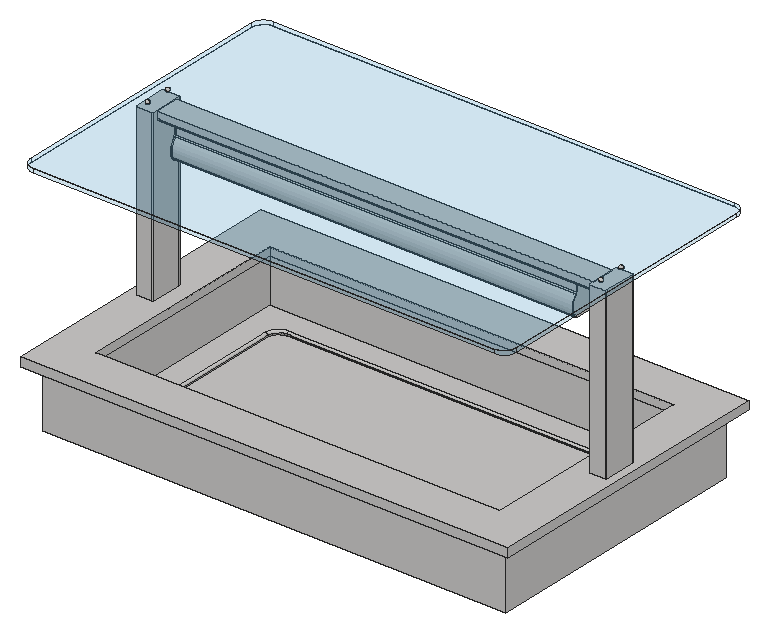
Revit family "QF_FESTIVE_SB12", category Specialty Equipment, Revit 2020
Family settings
  Round Connector Dimension = Use Diameter
  Part Type = Normal
  Work Plane-Based = No
  Always vertical = Yes
  Cut with Voids When Loaded = No
  Shared = No
  Room Calculation Point = No
Parameters (values of type "SB12")
  Weight in Pounds = 0
  Watts = if(Phase = 3, Volts * FL Amps * 1.73, Volts * FL Amps)  # 2882 W
  Volts = 220 V
  URL Cutsheet = ""
  Specification by User = ""
  Specification by Manufacturer = ""
  Serial Number = ""
  Seismic Rating = ""
  SMACNA No = ""
  Revision Code = ""
  Phase = 1
  Number of Poles = 1
  NAFEM Spec ID Number = ""
  Model = "SB12"
  Min Ckt Ampacity = 0 A
  Max Overcurrent Protection = 0 A
  Masterspec = ""
  Manufacturer = "FESTIVE"
  Length = 1155 mm
  Item Number = ""
  Installed By = ""
  Identify Quantity as Lot = yes
  Height = 430 mm
  HP = ""
  Furnished By = ""
  Foodservice Equipment Identifier = yes
  FL Amps = 13.1 A  # constant formula
  Electrical Remarks = ""
  Electric Connection Type = ""
  Elec Conn RI Height = 0 mm
  Elec Conn Connection Height = 0 mm
  Description = "SOMERSET: BAIN MARIE"
  Depth = 712 mm
  Default Elevation = 0 mm
  Cycle = 50 Hz  # constant formula
  Conn Plug = ""
  Conn Conduit = yes
  CSI MasterFormat = ""
  Apparent Power = if(Phase = 3, Volts * FL Amps * 1.73, Volts * FL Amps)  # 2882 VA
Reference planes
  plane 1 "BACK": y = 0
  plane 2: z = 0
  plane 3 "LEFT": x = 0
  plane 4 "RIGHT": x = 1155
  plane 5 "FRONT": y = -712
  plane 6 "TOP": z = 430
  plane 7 "Center Y": x = 577.5
  plane 8 "Center X": y = -356
  plane 9: z = -140
  plane 10: x = 568.768
  plane 11: z = -304.8
  plane 12: x = 100.5
  plane 13: x = 1054.5
Forms (mm)
  Extrusion 1, solid, material "QF_Metal - Stainless - Satin"
    sketch origin (0, 0, 0) x (1, 0, 0) y (0, 1, 0)
      loop
        line (0, 0) -> (0, -712) -> (1155, -712) -> (1155, 0) -> (0, 0)
      loop
        line (99, -98.261) -> (99, -612.261) -> (1056, -612.261) -> (1056, -98.261) -> (99, -98.261)
    from 0 to 20
  Extrusion 2, solid, material "QF_Metal - Stainless - Satin"
    sketch origin (1065, -355.261, -145) x (1, 0, 0) y (0, 1, 0)
      loop
        line (60, -326.739) -> (60, 325.261) -> (-1035, 325.261) -> (-1035, -326.739) -> (60, -326.739)
      loop
        line (-966, -257) -> (-9, -257) -> (-9, 257) -> (-966, 257) -> (-966, -257)
    from 5 to 145
  Extrusion 3, solid, material "QF_Metal - Stainless - Satin"
    sketch origin (1065, -355.261, 20) x (1, 0, 0) y (0, 1, 0)
      loop
        arc (-1006.5, -40) -> (-1005.086, -39.414) -> (-1004.5, -38) r 2
        line (-1004.5, -38) -> (-1004.5, 38)
        arc (-1004.5, 38) -> (-1005.086, 39.414) -> (-1006.5, 40) r 2
        line (-1006.5, 40) -> (-1042.5, 40)
        arc (-1042.5, 40) -> (-1043.914, 39.414) -> (-1044.5, 38) r 2
        line (-1044.5, 38) -> (-1044.5, -38)
        arc (-1044.5, -38) -> (-1043.914, -39.414) -> (-1042.5, -40) r 2
        line (-1042.5, -40) -> (-1006.5, -40)
      loop
        arc (69.5, 38) -> (68.914, 39.414) -> (67.5, 40) r 2
        line (67.5, 40) -> (31.5, 40)
        arc (31.5, 40) -> (30.086, 39.414) -> (29.5, 38) r 2
        line (29.5, 38) -> (29.5, -38)
        arc (29.5, -38) -> (30.086, -39.414) -> (31.5, -40) r 2
        line (31.5, -40) -> (67.5, -40)
        arc (67.5, -40) -> (68.914, -39.414) -> (69.5, -38) r 2
        line (69.5, -38) -> (69.5, 38)
    from 0 to 400
  Extrusion 4, solid, material "QF_Metal - Stainless - Satin"
    sketch origin (1065, -355.261, -140) x (0, 1, 0) y (1, 0, 0)
      loop
        line (257, -966) -> (257, -9) -> (-257, -9) -> (-257, -966) -> (257, -966)
    from 0 to -35
  Sweep 5, solid, material "QF_Metal - Stainless - Satin"
    path origin (0, 0, -90) x (1, 0, 0) y (0, 1, 0)
      loop
        line (1054, -180.315) -> (210.803, -180.315)
        arc (210.803, -180.315) -> (189.59, -189.101) -> (180.803, -210.315) r 30
        line (180.803, -210.315) -> (180.803, -500.123)
        arc (180.803, -500.123) -> (189.59, -521.336) -> (210.803, -530.123) r 30
        line (210.803, -530.123) -> (1054, -530.123)
    profile origin (632.401, -180.315, -90) x (0, -1, 0) y (0, 0, 1)
      loop
        circle (0, 0) r 3.995
  Extrusion 6, solid, material "Glass"
    sketch origin (1065, -355.261, 420) x (1, 0, 0) y (0, 1, 0)
      loop
        arc (-1062.5, -326) -> (-1053.713, -347.213) -> (-1032.5, -356) r 30
        line (-1032.5, -356) -> (57.5, -356)
        arc (57.5, -356) -> (78.713, -347.213) -> (87.5, -326) r 30
        line (87.5, -326) -> (87.5, 324.523)
        arc (87.5, 324.523) -> (78.713, 345.736) -> (57.5, 354.523) r 30
        line (57.5, 354.523) -> (-1032.5, 354.523)
        arc (-1032.5, 354.523) -> (-1053.713, 345.736) -> (-1062.5, 324.523) r 30
        line (-1062.5, 324.523) -> (-1062.5, -326)
    from 0 to 10
  Extrusion 7, solid, material "QF_Metal - Stainless - Satin"
    sketch origin (1155, 0, 0) x (0, -1, 0) y (0, 0, 1)
      loop
        arc (321.832, 335.631) -> (325.524, 331.583) -> (330.769, 330) r 10.306
        line (330.769, 330) -> (378.191, 330)
        arc (378.191, 330) -> (384.277, 331.191) -> (388.606, 335.631) r 10.413
        arc (388.606, 335.631) -> (392.245, 357.759) -> (382.452, 377.934) r 37.05
        arc (382.452, 377.934) -> (381.137, 379.989) -> (380.676, 382.385) r 6.465
        line (380.676, 382.385) -> (380.676, 400) -> (329.761, 400) -> (329.761, 382.385)
        arc (329.761, 382.385) -> (329.301, 379.989) -> (327.985, 377.934) r 6.465
        arc (327.985, 377.934) -> (318.192, 357.759) -> (321.832, 335.631) r 37.05
    from 100.5 to 102.5
  Extrusion 8, solid, material "QF_Metal - Stainless - Satin"
    sketch origin (100.5, -4572, 329.938) x (0, 0, 1) y (0, -1, 0)
      loop
        arc (5.693, -4250.168) -> (27.821, -4253.808) -> (47.996, -4244.015) r 37.05
        arc (47.996, -4244.015) -> (50.05, -4242.699) -> (52.446, -4242.239) r 6.465
        line (52.446, -4242.239) -> (70.062, -4242.239) -> (70.062, -4191.324) -> (52.446, -4191.324)
        arc (52.446, -4191.324) -> (50.05, -4190.863) -> (47.996, -4189.548) r 6.465
        arc (47.996, -4189.548) -> (27.821, -4179.755) -> (5.693, -4183.394) r 37.05
        arc (5.693, -4183.394) -> (1.253, -4187.723) -> (0.062, -4193.809) r 10.413
        line (0.062, -4193.809) -> (0.062, -4241.231)
        arc (0.062, -4241.231) -> (1.645, -4246.476) -> (5.693, -4250.168) r 10.306
    from 0 to 2
  Extrusion 9, solid, material "QF_Metal - Stainless - Satin"
    sketch origin (0, 0, 0) x (0, 1, 0) y (0, 0, 1)
      loop
        line (-327.761, 420) -> (-382.676, 420) -> (-382.676, 401.831)
        arc (-382.676, 401.831) -> (-382.037, 400.522) -> (-380.676, 400) r 1.989
        line (-380.676, 400) -> (-329.761, 400)
        arc (-329.761, 400) -> (-328.401, 400.522) -> (-327.761, 401.831) r 1.989
        line (-327.761, 401.831) -> (-327.761, 420)
    from 60.5 to 1094.5
  Revolve 10, solid, material "QF_Metal - Stainless - Satin"
    sketch origin (0, -385.237, 2) x (1, 0, 0) y (0, 0, 1)
      loop
        line (36.511, 428) -> (40.467, 428) -> (40.467, 433.967)
        arc (40.467, 433.967) -> (37.67, 432.809) -> (36.511, 430.011) r 3.956
        line (36.511, 430.011) -> (36.511, 428)
      axis (40.467, 428) -> (40.467, 433.967)
    angle from 0 to 360
  Revolve 11, solid, material "QF_Metal - Stainless - Satin"
    sketch origin (0, -325.201, 2) x (1, 0, 0) y (0, 0, -1)
      loop
        line (36.511, -428) -> (36.511, -430.011)
        arc (36.511, -430.011) -> (37.67, -432.809) -> (40.467, -433.967) r 3.956
        line (40.467, -433.967) -> (40.467, -428) -> (36.511, -428)
      axis (40.467, -428) -> (40.467, -433.967)
    angle from 0 to 360
  Revolve 12, solid, material "QF_Metal - Stainless - Satin"
    sketch origin (2130, -385.237, 2) x (-1, 0, 0) y (0, 0, -1)
      loop
        line (1011.511, -428) -> (1011.511, -430.011)
        arc (1011.511, -430.011) -> (1012.67, -432.809) -> (1015.467, -433.967) r 3.956
        line (1015.467, -433.967) -> (1015.467, -428) -> (1011.511, -428)
      axis (1015.467, -428) -> (1015.467, -433.967)
    angle from 0 to 360
  Revolve 13, solid, material "QF_Metal - Stainless - Satin"
    sketch origin (2130, -325.201, 2) x (-1, 0, 0) y (0, 0, 1)
      loop
        line (1011.511, 428) -> (1015.467, 428) -> (1015.467, 433.967)
        arc (1015.467, 433.967) -> (1012.67, 432.809) -> (1011.511, 430.011) r 3.956
        line (1011.511, 430.011) -> (1011.511, 428)
      axis (1015.467, 428) -> (1015.467, 433.967)
    angle from 0 to 360
  Revolve 14, solid, material "QF_Metal - Stainless - Satin"
    sketch origin (2140, -151, 0) x (-1, 0, 0) y (0, 0, 1)
      loop
        line (1989, -270) -> (1989, -140) -> (1977.514, -140) -> (1977.514, -270) -> (1989, -270)
      axis (1989, -270) -> (1989, -140)
    angle from 0 to 360
  Extrusion 15, solid, material "QF_Metal - Stainless - Satin"
    sketch origin (102.5, -4572, 329.938) x (0, 0, 1) y (0, -1, 0)
      loop
        arc (5.693, -4250.168) -> (27.821, -4253.808) -> (47.996, -4244.015) r 37.05
        arc (47.996, -4244.015) -> (50.05, -4242.699) -> (52.446, -4242.239) r 6.465
        line (52.446, -4242.239) -> (70.062, -4242.239) -> (70.062, -4191.324) -> (52.446, -4191.324)
        arc (52.446, -4191.324) -> (50.05, -4190.863) -> (47.996, -4189.548) r 6.465
        arc (47.996, -4189.548) -> (27.821, -4179.755) -> (5.693, -4183.394) r 37.05
        arc (5.693, -4183.394) -> (1.253, -4187.723) -> (0.062, -4193.809) r 10.413
        line (0.062, -4193.809) -> (0.062, -4241.231)
        arc (0.062, -4241.231) -> (1.645, -4246.476) -> (5.693, -4250.168) r 10.306
    from 0 to 950
Cuts and joins
  joined: Extrusion 2, Extrusion 4
Lines and regions (mm)
  symbolic lines
    curve 1: arc (32.5, -0.739, 0) -> (11.287, -9.526, 0) -> (2.5, -30.739, 0) r 30
    curve 2: line (2.5, -30.739, 0) -> (2.5, -681.261, 0)
    curve 3: arc (2.5, -681.261, 0) -> (11.287, -702.474, 0) -> (32.5, -711.261, 0) r 30
    curve 4: line (32.5, -711.261, 0) -> (1122.5, -711.261, 0)
    curve 5: arc (1122.5, -711.261, 0) -> (1143.713, -702.474, 0) -> (1152.5, -681.261, 0) r 30
    curve 6: line (1152.5, -681.261, 0) -> (1152.5, -30.739, 0)
    curve 7: arc (1152.5, -30.739, 0) -> (1143.713, -9.526, 0) -> (1122.5, -0.739, 0) r 30
    curve 8: line (1122.5, -0.739, 0) -> (32.5, -0.739, 0)
    curve 9: circle (40.467, -325.131, 0) r 3.956 normal (0, 0, 1)
    curve 10: circle (40.467, -385.166, 0) r 3.956 normal (0, 0, 1)
    curve 11: circle (1114.533, -325.131, 0) r 3.956 normal (0, 0, -1)
    curve 12: circle (1114.533, -385.166, 0) r 3.956 normal (0, 0, -1)
    curve 13: line (1155, 0, 0) -> (0, 0, 0)
    curve 14: line (1155, -712, 0) -> (1155, 0, 0)
    curve 15: line (0, -712, 0) -> (1155, -712, 0)
    curve 16: line (0, 0, 0) -> (0, -712, 0)
Dimensions and locks
  equal spacing: plane 3 "LEFT", plane 7 "Center Y", plane 4 "RIGHT"
  "Length": plane 3 "LEFT" to plane 4 "RIGHT"
  equal spacing: plane 5 "FRONT", plane 8 "Center X", plane 1 "BACK"
  "Depth": plane 5 "FRONT" to plane 1 "BACK"
  "Height": plane 6 "TOP" to level
  plane 1 "BACK" to plane 5 "FRONT" = 712 mm
  plane 2 to plane 9 = 140 mm
  plane 3 "LEFT" to plane 10 = 568.768 mm
  plane 2 to plane 11 = 304.8 mm
  cut or joined group of Extrusion 2, Extrusion 4 to plane 3 "LEFT" = 30 mm
  cut or joined group of Extrusion 2, Extrusion 4 to nested 1 = 189 mm
  nested 1 to nested 1 = 200 mm
  cut or joined group of Extrusion 2, Extrusion 4 to plane 1 "BACK" = 30 mm
  nested 1 to cut or joined group of Extrusion 2, Extrusion 4 = 182 mm
  Revolve 14 to cut or joined group of Extrusion 2, Extrusion 4 = 121 mm
  locked: plane 13 to plane 4 "RIGHT" at 100.5
  Extrusion 3 sketch curve to Extrusion 3 sketch curve to plane 4 "RIGHT" = 40 mm locked, 20.5 mm locked
  aligned and locked: plane 2 to level
  aligned and locked: Extrusion 9 to Extrusion 3
  aligned and locked: Extrusion 15 to Extrusion 7
Automatic sketch dimensions
  curve 16 to plane 3 "LEFT" = 0 mm
  curve 15 to plane 4 "RIGHT" = 0 mm
  plane 5 "FRONT" to curve 15 = 0 mm
  plane 1 "BACK" to curve 13 = 0 mm
  plane 3 "LEFT" to curve 2 = 2.5 mm
  curve 4 to plane 5 "FRONT" = 0.739 mm
  plane 3 "LEFT" to curve 4 = 32.5 mm
  plane 1 "BACK" to curve 8 = 0.739 mm
  plane 3 "LEFT" to curve 8 = 32.5 mm
  plane 3 "LEFT" to curve 10 = 40.467 mm
  plane 3 "LEFT" to curve 9 = 40.467 mm
  plane 4 "RIGHT" to curve 11 = 40.467 mm
  plane 4 "RIGHT" to curve 12 = 40.467 mm
  plane 4 "RIGHT" to curve 8 = 32.5 mm
  plane 4 "RIGHT" to curve 4 = 32.5 mm
  plane 4 "RIGHT" to curve 6 = 2.5 mm
  curve 12 to plane 8 "Center X" = 29.166 mm
  curve 10 to plane 8 "Center X" = 29.166 mm
  plane 8 "Center X" to curve 9 = 30.869 mm
  plane 8 "Center X" to curve 11 = 30.869 mm
  Extrusion 1 sketch curve to plane 3 "LEFT" = 0 mm
  Extrusion 1 sketch curve to plane 4 "RIGHT" = 0 mm
  plane 5 "FRONT" to Extrusion 1 sketch curve = 0 mm
  plane 1 "BACK" to Extrusion 1 sketch curve = 0 mm
  Extrusion 1 sketch curve to plane 12 = 1.5 mm
  Extrusion 1 sketch curve to plane 13 = 1.5 mm
  Extrusion 1 sketch curve to plane 5 "FRONT" = 99.739 mm
  plane 1 "BACK" to Extrusion 1 sketch curve = 98.261 mm
  plane 3 "LEFT" to Extrusion 2 sketch curve = 30 mm
  Extrusion 2 sketch curve to plane 12 = 1.5 mm
  Extrusion 2 sketch curve to plane 13 = 1.5 mm
  plane 4 "RIGHT" to Extrusion 2 sketch curve = 30 mm
  Extrusion 2 sketch curve to plane 5 "FRONT" = 30 mm
  Extrusion 2 sketch curve to Extrusion 2 sketch curve = 69.739 mm
  plane 1 "BACK" to Extrusion 2 sketch curve = 98.261 mm
  plane 1 "BACK" to Extrusion 2 sketch curve = 30 mm
  Extrusion 3 sketch curve to plane 12 = 40 mm
  Extrusion 3 sketch curve to Extrusion 3 sketch curve = 2 mm  (x7)
  plane 3 "LEFT" to Extrusion 3 sketch curve = 22.5 mm  (x2)
  Extrusion 3 sketch curve to plane 8 "Center X" = 39.261 mm  (x2)
  plane 8 "Center X" to Extrusion 3 sketch curve = 38.739 mm  (x2)
  Extrusion 4 sketch curve to Extrusion 2 = 0 mm  (x4)
  plane 12 to Sweep 5 sketch curve = 80.303 mm
  Sweep 5 sketch curve to Sweep 5 sketch curve = 30 mm  (x2)
  Sweep 5 sketch curve to plane 8 "Center X" = 174.123 mm
  plane 8 "Center X" to Sweep 5 sketch curve = 145.685 mm
  plane 13 to Sweep 5 sketch curve = 0.5 mm  (x2)
  Sweep 5 sketch curve to profile plane = 0 mm  (x2)
  plane 3 "LEFT" to Extrusion 6 sketch curve = 2.5 mm
  Extrusion 6 sketch curve to Extrusion 6 sketch curve = 30 mm  (x2)
  plane 1 "BACK" to Extrusion 6 sketch curve = 0.739 mm
  plane 4 "RIGHT" to Extrusion 6 sketch curve = 32.5 mm  (x2)
  Extrusion 6 sketch curve to plane 5 "FRONT" = 0.739 mm
  plane 4 "RIGHT" to Extrusion 6 sketch curve = 2.5 mm
  plane 8 "Center X" to Extrusion 7 sketch curve = 32.703 mm
  Extrusion 7 sketch curve to Extrusion 7 sketch curve = 6.465 mm  (x2)
  plane 8 "Center X" to Extrusion 7 sketch curve = 25.231 mm
  Extrusion 7 sketch curve to Extrusion 7 sketch curve = 0.249 mm
  plane 8 "Center X" to Extrusion 7 sketch curve = 1.144 mm
  plane 8 "Center X" to Extrusion 7 sketch curve = 0.419 mm
  Extrusion 7 sketch curve to plane 8 "Center X" = 22.191 mm
  Extrusion 7 sketch curve to Extrusion 7 sketch curve = 1.133 mm
  Extrusion 7 sketch curve to plane 8 "Center X" = 24.676 mm
  Extrusion 7 sketch curve to plane 6 "TOP" = 100 mm
  Extrusion 7 sketch curve to Extrusion 7 sketch curve = 10.303 mm
  Extrusion 7 sketch curve to Extrusion 7 sketch curve = 10.351 mm
  Extrusion 7 sketch curve to Extrusion 7 sketch curve = 12.075 mm
  Extrusion 7 sketch curve to Extrusion 7 sketch curve = 0 mm  (x3)
  Extrusion 7 sketch curve to Extrusion 7 sketch curve = 42.082 mm
  Extrusion 7 sketch curve to Extrusion 7 sketch curve = 42.033 mm
  Extrusion 7 sketch curve to Extrusion 7 sketch curve = 17.615 mm
  Extrusion 8 sketch curve to plane 8 "Center X" = 22.191 mm
  Extrusion 8 sketch curve to plane 6 "TOP" = 100 mm
  Extrusion 8 sketch curve to Extrusion 8 sketch curve = 10.303 mm
  Extrusion 8 sketch curve to Extrusion 8 sketch curve = 10.351 mm
  plane 8 "Center X" to Extrusion 8 sketch curve = 0.419 mm
  Extrusion 8 sketch curve to Extrusion 8 sketch curve = 12.075 mm
  Extrusion 8 sketch curve to Extrusion 8 sketch curve = 0 mm  (x3)
  Extrusion 8 sketch curve to Extrusion 8 sketch curve = 42.082 mm
  Extrusion 8 sketch curve to Extrusion 8 sketch curve = 42.033 mm
  Extrusion 8 sketch curve to Extrusion 8 sketch curve = 17.615 mm
  Extrusion 8 sketch curve to Extrusion 8 sketch curve = 0.725 mm
  plane 8 "Center X" to Extrusion 8 sketch curve = 24.982 mm
  Extrusion 8 sketch curve to Extrusion 8 sketch curve = 0.249 mm
  plane 8 "Center X" to Extrusion 8 sketch curve = 26.239 mm
  Extrusion 8 sketch curve to Extrusion 8 sketch curve = 6.465 mm  (x2)
  Extrusion 8 sketch curve to Extrusion 8 sketch curve = 1.133 mm
  Extrusion 8 sketch curve to plane 8 "Center X" = 24.676 mm
  Extrusion 9 sketch curve to plane 8 "Center X" = 26.676 mm
  Extrusion 9 sketch curve to Extrusion 9 sketch curve = 1.982 mm  (x2)
  Extrusion 9 sketch curve to Extrusion 9 sketch curve = 0.018 mm  (x2)
  plane 8 "Center X" to Extrusion 9 sketch curve = 26.239 mm
  Extrusion 9 sketch curve to plane 6 "TOP" = 30 mm
  Extrusion 9 sketch curve to Extrusion 9 sketch curve = 1.831 mm  (x2)
  Extrusion 9 sketch curve to plane 6 "TOP" = 10 mm
  Revolve 10 sketch curve to plane 6 "TOP" = 0 mm
  plane 3 "LEFT" to Revolve 10 sketch curve = 36.511 mm
  Revolve 10 sketch curve to Revolve 10 sketch curve = 3.956 mm
  plane 6 "TOP" to Revolve 10 sketch curve = 2.011 mm
  Revolve 10 sketch curve to Revolve 10 sketch curve = 0 mm  (x2)
  Revolve 10 sketch curve to Revolve 10 sketch curve = 2.434 mm
  Revolve 11 sketch curve to plane 6 "TOP" = 0 mm
  plane 3 "LEFT" to Revolve 11 sketch curve = 36.511 mm
  Revolve 11 sketch curve to Revolve 11 sketch curve = 3.956 mm
  Revolve 11 sketch curve to Revolve 11 sketch curve = 2.011 mm
  Revolve 11 sketch curve to Revolve 11 sketch curve = 0 mm  (x2)
  Revolve 11 sketch curve to Revolve 11 sketch curve = 2.434 mm
  Revolve 12 sketch curve to plane 6 "TOP" = 0 mm
  plane 4 "RIGHT" to Revolve 12 sketch curve = 36.511 mm
  Revolve 12 sketch curve to Revolve 12 sketch curve = 3.956 mm
  Revolve 12 sketch curve to Revolve 12 sketch curve = 2.011 mm
  Revolve 12 sketch curve to Revolve 12 sketch curve = 0 mm  (x2)
  Revolve 12 sketch curve to Revolve 12 sketch curve = 2.434 mm
  Revolve 13 sketch curve to plane 6 "TOP" = 0 mm
  plane 4 "RIGHT" to Revolve 13 sketch curve = 36.511 mm
  Revolve 13 sketch curve to Revolve 13 sketch curve = 3.956 mm
  Revolve 13 sketch curve to Revolve 13 sketch curve = 2.011 mm
  Revolve 13 sketch curve to Revolve 13 sketch curve = 0 mm  (x2)
  Revolve 13 sketch curve to Revolve 13 sketch curve = 2.434 mm
  Revolve 14 sketch curve to plane 9 = 0 mm
  plane 12 to Revolve 14 sketch curve = 61.986 mm
  Revolve 14 sketch curve to Revolve 14 sketch curve = 11.486 mm
  Revolve 14 sketch curve to plane 11 = 34.8 mm
  Revolve 14 sketch curve to Revolve 14 sketch curve = 0 mm
  Revolve 14 sketch curve to Revolve 14 sketch curve = 0.847 mm
  Revolve 14 sketch curve to Revolve 14 sketch curve = 4.153 mm
  Extrusion 8 to Extrusion 15 sketch curve = 0 mm
  Extrusion 15 sketch curve to Extrusion 8 = 0 mm
  radius of curve 9 = 3.956 mm
  radius of curve 10 = 3.956 mm
  radius of curve 11 = 3.956 mm
  radius of curve 12 = 3.956 mm
  radius of Sweep 5 sketch curve = 3.995 mm
  radius of Extrusion 15 sketch curve to Extrusion 8 = 0 mm  (x6)
Nested families
  nested 1: "Family2" at (419, -212, -240) x (-1, 0, 0) z (0, 0, 1), type "Family2"
Connectors
  electrical at (422.2, -182, -206), driven by "Volts", driven by "Watts"
    settings: on nested 1, index 4, voltage 220 V, apparent load 2882 VA, apparent load phase1 0 VA, apparent load phase2 0 VA, apparent load phase3 0 VA, power factor 1, load classification "Other", number of poles 1, system type 30, power factor state 1, is connector primary yes, connector utility no, sub classification motor no, connector description ""
Definition of nested family "Family2"
  Parameters (values of type "Family2")
    Weight in Pounds = 0
    Watts = if(Phase = 3, Volts * FL Amps * 1.73, Volts * FL Amps)  # 0 W
    Volts = 0 V
    URL Cutsheet = ""
    Specification by User = ""
    Specification by Manufacturer = ""
    Serial Number = ""
    Seismic Rating = ""
    SMACNA No = ""
    Revision Code = ""
    Phase = 0
    Number of Poles = 1
    NAFEM Spec ID Number = ""
    Min Ckt Ampacity = 0 A
    Max Overcurrent Protection = 0 A
    Masterspec = ""
    Length = 200 mm
    Item Number = ""
    Installed By = ""
    Identify Quantity as Lot = yes
    Height = 100 mm
    HP = ""
    Furnished By = ""
    Foodservice Equipment Identifier = yes
    FL Amps = 0 A
    Electrical Remarks = ""
    Electric Connection Type = ""
    Elec Conn RI Height = 0 mm
    Elec Conn Connection Height = 0 mm
    Depth = 180 mm
    Default Elevation = 0 mm
    Cycle = 0 Hz
    Conn Plug = ""
    Conn Conduit = yes
    CSI MasterFormat = ""
    Apparent Power = if(Phase = 3, Volts * FL Amps * 1.73, Volts * FL Amps)  # 0 VA
  Reference planes
    plane 1 "BACK": y = 0
    plane 2: z = 0
    plane 3 "LEFT": x = 0
    plane 4 "RIGHT": x = 200
    plane 5 "FRONT": y = -180
    plane 6 "TOP": z = 100
    plane 7 "Center Y": x = 100
    plane 8 "Center X": y = -90
  Forms (mm)
    Revolve 1, solid
      sketch origin (148.125, 0, 0) x (0, 1, 0) y (0, 0, 1)
        loop
          line (-180, 55) -> (-157.389, 55) -> (-157.389, 80.809) -> (-159.789, 80.809) -> (-166.275, 70.43) -> (-180, 68.987) -> (-180, 55)
        axis (-157.389, 55) -> (-180, 55)
      angle from 0 to 360
    Extrusion 2, solid
      sketch origin (0, -157.389, 100.641) x (0, 0, -1) y (1, 0, 0)
        loop
          line (28.109, 56.09) -> (61.602, 56.09) -> (61.602, 73.485) -> (28.109, 73.485) -> (28.109, 56.09)
        loop
          line (30.983, 59.095) -> (59.271, 59.095) -> (59.271, 70.349) -> (30.983, 70.349) -> (30.983, 59.095)
        loop
          circle (45.241, 100) r 9.116
      from 0 to 2
    Extrusion 3, solid
      sketch origin (70.349, -157.389, 69.658) x (0, 0, -1) y (0, -1, 0)
        loop
          line (28.288, 0) -> (28.288, 2) -> (24.792, 6.475) -> (21.296, 6.475)
          arc (21.296, 6.475) -> (10.911, 2.987) -> (0, 2) r 46.947
          line (0, 2) -> (0, 0) -> (28.288, 0)
      from 0 to 11.254
    Extrusion 4, solid
      sketch origin (0, 0, 0) x (0, -1, 0) y (0, 0, 1)
        loop
          line (157.389, 100) -> (0, 100) -> (0, 0) -> (157.389, 0) -> (157.389, 100)
        loop
          circle (30, 34) r 9.043
        loop
          circle (32.744, 71.693) r 12.608
        loop
          circle (73.56, 33.695) r 8.677
        loop
          circle (73.509, 71.741) r 8.145
      from 0 to -2
    Extrusion 5, solid
      sketch origin (0, 0, 0) x (0, 1, 0) y (0, 0, 1)
        loop
          line (0, 100) -> (-157.389, 100) -> (-157.389, 16.636) -> (-154.226, 16.636) -> (-154.226, 0) -> (0, 0) -> (0, 100)
      from 2 to 198
    Extrusion 6, solid
      sketch origin (200, 0, 0) x (0, -1, 0) y (0, 0, -1)
        loop
          line (157.389, -100) -> (157.389, 0) -> (0, 0) -> (0, -100) -> (157.389, -100)
        loop
          circle (30, -34) r 9.043
        loop
          circle (32.744, -71.693) r 12.608
        loop
          circle (73.56, -33.695) r 8.677
        loop
          circle (73.509, -71.741) r 8.145
      from 0 to -2
    Extrusion 7, solid
      sketch origin (0, 0, 0) x (0, -1, 0) y (0, 0, 1)
        loop
          circle (30, 34) r 9.043
      from 0 to 3.2
    Extrusion 8, solid
      sketch origin (0, -159.389, 100.641) x (0, 0, -1) y (1, 0, 0)
        loop
          circle (45.241, 100) r 6.691
      from 0 to 2
  Cuts and joins
    joined: Extrusion 4, Extrusion 5, Extrusion 6
  Lines and regions (mm)
    symbolic lines
      curve 1: line (0, 0, 0) -> (200, 0, 0)
      curve 2: line (0, -157.389, 0) -> (0, 0, 0)
      curve 3: line (200, -157.389, 0) -> (0, -157.389, 0)
      curve 4: line (200, 0, 0) -> (200, -157.389, 0)
      curve 5: line (59.095, -159.389, 0) -> (59.095, -163.864, 0)
      curve 6: line (70.349, -163.864, 0) -> (70.349, -159.389, 0)
      curve 7: line (59.095, -163.864, 0) -> (70.349, -163.864, 0)
      curve 8: line (56.09, -159.389, 0) -> (73.485, -159.389, 0)
      curve 9: line (56.09, -157.389, 0) -> (56.09, -159.389, 0)
      curve 10: line (73.485, -159.389, 0) -> (73.485, -157.389, 0)
      curve 11: line (109.116, -159.389, 0) -> (90.884, -159.389, 0)
      curve 12: line (90.884, -159.389, 0) -> (90.884, -157.389, 0)
      curve 13: line (109.116, -159.389, 0) -> (109.116, -157.389, 0)
      curve 14: line (132.695, -166.275, 0) -> (134.138, -180, 0)
      curve 15: line (134.138, -180, 0) -> (162.112, -180, 0)
      curve 16: line (162.112, -180, 0) -> (163.555, -166.275, 0)
      curve 17: line (163.555, -166.275, 0) -> (132.695, -166.275, 0)
      curve 18: line (132.695, -166.275, 0) -> (122.322, -159.793, 0)
      curve 19: line (122.322, -159.793, 0) -> (173.85, -159.793, 0)
      curve 20: line (173.85, -159.793, 0) -> (163.555, -166.275, 0)
      curve 21: line (173.85, -159.793, 0) -> (173.85, -157.389, 0)
      curve 22: line (122.322, -159.793, 0) -> (122.322, -157.389, 0)
  Dimensions and locks
    equal spacing: plane 3 "LEFT", plane 7 "Center Y", plane 4 "RIGHT"
    "Length": plane 3 "LEFT" to plane 4 "RIGHT"
    equal spacing: plane 5 "FRONT", plane 8 "Center X", plane 1 "BACK"
    "Depth": plane 5 "FRONT" to plane 1 "BACK"
    "Height": plane 6 "TOP" to level
    plane 4 "RIGHT" to plane 3 "LEFT" = 200 mm
    locked: Extrusion 7 sketch curve to level at 34
    locked: plane 1 "BACK" to Extrusion 7 sketch curve at 30
    aligned and locked: level to plane 2
    aligned and locked: plane 6 "TOP" to cut or joined group of Extrusion 4, Extrusion 5, Extrusion 6
  Automatic sketch dimensions
    curve 3 to plane 3 "LEFT" = 0 mm
    plane 5 "FRONT" to curve 15 = 0 mm
    curve 3 to plane 4 "RIGHT" = 0 mm
    plane 1 "BACK" to curve 2 = 0 mm
    curve 8 to plane 5 "FRONT" = 20.611 mm
    curve 8 to plane 7 "Center Y" = 43.91 mm
    curve 8 to curve 7 = 3.004 mm
    curve 5 to curve 7 = 11.254 mm
    curve 6 to curve 10 = 3.136 mm
    curve 11 to plane 7 "Center Y" = 9.116 mm
    plane 7 "Center Y" to curve 11 = 9.116 mm
    curve 11 to curve 19 = 13.206 mm
    curve 18 to plane 5 "FRONT" = 13.725 mm
    curve 18 to curve 18 = 10.373 mm
    curve 14 to curve 15 = 1.443 mm
    curve 14 to curve 15 = 27.974 mm
    curve 15 to curve 20 = 1.443 mm
    curve 16 to curve 19 = 10.295 mm
    curve 5 to curve 5 = 4.475 mm
    curve 14 to curve 22 = 6.482 mm
    curve 18 to curve 11 = 0.404 mm
    curve 4 to plane 5 "FRONT" = 22.611 mm
    Revolve 1 sketch curve to plane 5 "FRONT" = 0 mm
    Revolve 1 sketch curve to plane 5 "FRONT" = 13.725 mm
    Revolve 1 sketch curve to Revolve 1 sketch curve = 6.486 mm
    Revolve 1 sketch curve to Revolve 1 sketch curve = 8.886 mm
    Revolve 1 sketch curve to plane 6 "TOP" = 45 mm
    Revolve 1 sketch curve to Revolve 1 sketch curve = 13.987 mm
    Revolve 1 sketch curve to Revolve 1 sketch curve = 1.443 mm
    Revolve 1 sketch curve to Revolve 1 sketch curve = 10.38 mm
    plane 5 "FRONT" to Revolve 1 sketch curve = 0.636 mm
    Revolve 1 sketch curve to Revolve 1 sketch curve = 15 mm
    Revolve 1 sketch curve to Revolve 1 sketch curve = 0 mm
    Extrusion 2 sketch curve to plane 7 "Center Y" = 0 mm
    Extrusion 2 sketch curve to plane 6 "TOP" = 27.468 mm
    Extrusion 2 sketch curve to Extrusion 2 sketch curve = 2.873 mm
    Extrusion 2 sketch curve to Extrusion 2 sketch curve = 17.132 mm
    Extrusion 2 sketch curve to Extrusion 2 sketch curve = 28.288 mm
    Extrusion 2 sketch curve to Extrusion 2 sketch curve = 2.331 mm
    Extrusion 2 sketch curve to plane 7 "Center Y" = 26.515 mm
    Extrusion 2 sketch curve to Extrusion 2 sketch curve = 3.136 mm
    Extrusion 2 sketch curve to Extrusion 2 sketch curve = 11.254 mm
    Extrusion 2 sketch curve to Extrusion 2 sketch curve = 3.004 mm
    Extrusion 3 sketch curve to Extrusion 2 = 0 mm  (x4)
    Extrusion 2 to Extrusion 3 sketch curve = 0 mm
    Extrusion 3 sketch curve to Extrusion 2 = 1.256 mm
    Extrusion 3 sketch curve to Extrusion 2 = 4.475 mm
    Extrusion 3 sketch curve to Extrusion 3 sketch curve = 6.993 mm
    Extrusion 3 sketch curve to Extrusion 3 sketch curve = 3.496 mm
    Extrusion 5 sketch curve to level = 0 mm
    Extrusion 5 sketch curve to plane 1 "BACK" = 0 mm
    plane 6 "TOP" to Extrusion 5 sketch curve = 0 mm
    Extrusion 5 sketch curve to plane 5 "FRONT" = 22.611 mm
    level to Extrusion 5 sketch curve = 16.636 mm
    Extrusion 5 sketch curve to Extrusion 5 sketch curve = 3.163 mm
    Extrusion 6 sketch curve to plane 1 "BACK" = 0 mm
    Extrusion 6 sketch curve to level = 0 mm
    plane 1 "BACK" to Extrusion 6 sketch curve = 30 mm
    plane 1 "BACK" to Extrusion 6 sketch curve = 32.744 mm
    plane 8 "Center X" to Extrusion 6 sketch curve = 16.491 mm
    plane 8 "Center X" to Extrusion 6 sketch curve = 16.44 mm
    Extrusion 6 sketch curve to plane 5 "FRONT" = 22.611 mm
    level to Extrusion 6 sketch curve = 33.695 mm
    level to Extrusion 6 sketch curve = 34 mm
    Extrusion 6 sketch curve to plane 6 "TOP" = 28.307 mm
    Extrusion 6 sketch curve to plane 6 "TOP" = 28.259 mm
    plane 6 "TOP" to Extrusion 6 sketch curve = 0 mm
    Extrusion 4 sketch curve to plane 1 "BACK" = 0 mm
    Extrusion 4 sketch curve to level = 0 mm
    plane 1 "BACK" to Extrusion 4 sketch curve = 30 mm
    plane 1 "BACK" to Extrusion 4 sketch curve = 32.744 mm
    plane 8 "Center X" to Extrusion 4 sketch curve = 16.491 mm
    plane 8 "Center X" to Extrusion 4 sketch curve = 16.44 mm
    Extrusion 4 sketch curve to plane 5 "FRONT" = 22.611 mm
    level to Extrusion 4 sketch curve = 33.695 mm
    level to Extrusion 4 sketch curve = 34 mm
    Extrusion 4 sketch curve to plane 6 "TOP" = 28.307 mm
    Extrusion 4 sketch curve to plane 6 "TOP" = 28.259 mm
    plane 6 "TOP" to Extrusion 4 sketch curve = 0 mm
    radius of Extrusion 2 sketch curve = 9.116 mm
    radius of Extrusion 7 sketch curve = 9.043 mm
    radius of Extrusion 6 sketch curve = 9.043 mm
    radius of Extrusion 6 sketch curve = 12.608 mm
    radius of Extrusion 6 sketch curve = 8.677 mm
    radius of Extrusion 6 sketch curve = 8.145 mm
    radius of Extrusion 4 sketch curve = 9.043 mm
    radius of Extrusion 4 sketch curve = 12.608 mm
    radius of Extrusion 4 sketch curve = 8.677 mm
    radius of Extrusion 4 sketch curve = 8.145 mm
    radius of Extrusion 8 sketch curve to Extrusion 2 = 2.425 mm
